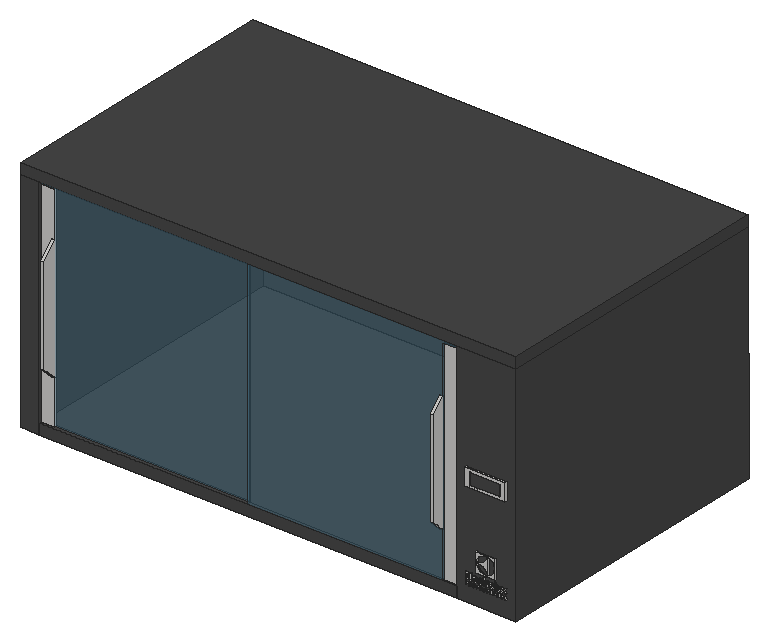
Revit family "QF_ELECTROLUXPROFESSIONAL_240038_SAFEBOXUK", category Attrezzature speciali, Revit 2020
Family settings
  Quota connettore circolare = Usa diametro
  Tipo di parte = Normale
  Basato su piano di lavoro = No
  Sempre verticale = Sì
  Taglio con vuoti quando caricato = No
  Condiviso = No
  Punto di calcolo locali = No
Parameters (values of type "Standard")
  Weight = 36.00 kg
  Watts = 590 W
  Volts = 220 V
  URL Manufacturer = "https://www.electroluxprofessional.com/"
  URL = "https://www.electroluxprofessional.com/"
  Steam Supply Size = 0 mm
  Steam Supply Minimum Pressure = 0.0 Pa
  Steam Supply Maximum Pressure = 0.0 Pa
  Steam Consumption per Hour = 0
  Show Logo [instance] = yes
  Show Clearance [instance] = yes
  Refrigeration Suction Line Size = 0.0 mm
  Refrigeration Liquid Line Size = 0.0 mm
  Refrigerant Compressor Remote = yes
  Prospetto di default = 0.0 mm
  Produttore = "Electrolux Professional"
  Phase = 1
  Modello = "SAFEBOXUK"
  Length Actual = 920.0 mm  # constant formula
  Item Number = "240038"
  Hot Water Size = 0 mm
  Height Actual = 450.0 mm  # constant formula
  HP = "0.8 HP"
  Gas Size = 0 mm
  Gas KW = 0
  Gas Input Pressure = 0 W
  Direct Waste Size = 0 mm
  Descrizione = "SAFEBOX HOLD WARMING CONTAINER FOR FOOD PICK UP, TAKE AWAY AND DELIVERY - UK PLUG"
  Depth Actual = 590.0 mm  # constant formula
  Cycle = 50 Hz
  Condensate Return Size = 0 mm
  Compressed Air Volume = 0.0 L/s
  Compressed Air Size = 0 mm
  Compressed Air Pressure = 0.0 Pa
  Cold Water Size = 0 mm
  Accessory = yes
Reference planes
  plane 1 "Center (Front/Back)": y = 0
  plane 2: z = 0
  plane 3 "Center (Left/Right)": x = 0
  plane 4 "LEFT": x = -460
  plane 5 "RIGHT": x = 460
  plane 6 "BACK": y = 270
  plane 7 "FRONT": y = -270
  plane 8 "Base": z = 11
  plane 9 "TOP": z = 451
  plane 10: x = -430
  plane 11: y = 250
  plane 12: y = -220
  plane 13: x = 360
Forms (mm)
  Extrusion 1, solid, material "QF_Finishes_Black"
    sketch origin (0, 0, 11) x (0, 1, 0) y (-1, 0, 0)
      loop
        line (270, 460) -> (-270, 460) -> (-270, 425) -> (250, 425) -> (250, -350) -> (-270, -350) -> (-270, -460) -> (270, -460) -> (270, 460)
    from 0 to 420
  Extrusion 2, solid, material "QF_Finishes_Black"
    sketch origin (0, 0, 451) x (0, 1, 0) y (-1, 0, 0)
      loop
        line (270, 460) -> (-270, 460) -> (-270, -460) -> (270, -460) -> (270, 460)
    from 0 to -20
  Extrusion 3, void
    sketch origin (0, -270, 0) x (-1, 0, 0) y (0, 0, 1)
      loop
        line (140.985, 386.837) -> (-115, 386.837) -> (-115, 166) -> (140.985, 166) -> (140.985, 386.837)
    from 520 to 540
  Extrusion 4, solid, material "QF_Finishes_Stainless Steel"
    sketch origin (460, 0, 0) x (0, 1, 0) y (0, 0, 1)
      loop
        line (250, 386.837) -> (250, 166) -> (320, 166) -> (320, 386.837) -> (250, 386.837)
    from -600.985 to -345
  Extrusion 5, solid, material "Glass"
    sketch origin (0, -270, 0) x (-1, 0, 0) y (0, 0, 1)
      loop
        line (425, 431) -> (37.5, 431) -> (37.5, 31) -> (400, 31) -> (400, 426) -> (425, 426) -> (425, 431)
    from 4 to 8
  Extrusion 6, solid, material "Glass"
    sketch origin (385, -270, 0) x (-1, 0, 0) y (0, 0, 1)
      loop
        line (422.5, 431) -> (35, 431) -> (35, 426) -> (60, 426) -> (60, 31) -> (422.5, 31) -> (422.5, 431)
    from 0 to 4
  Extrusion 7, solid, material "QF_Finishes_Stainless Steel"
    sketch origin (0, 0, 0) x (0, 1, 0) y (0, 0, 1)
      loop
        line (-266, 112) -> (-266, 342.426) -> (-291.213, 317.213) -> (-291.213, 137.213) -> (-266, 112)
    from -400 to -405
  Extrusion 8, solid, material "QF_Finishes_Stainless Steel"
    sketch origin (0, -270, 0) x (-1, 0, 0) y (0, 0, 1)
      loop
        line (-350, 426) -> (-350, 31) -> (-325, 31) -> (-325, 426) -> (-350, 426)
      loop
        line (400, 426) -> (400, 31) -> (425, 31) -> (425, 426) -> (400, 426)
    from 4 to 8
  Extrusion 9, solid, material "QF_Finishes_Black"
    sketch origin (0, 0, 451) x (0, 1, 0) y (-1, 0, 0)
      loop
        line (270, 425) -> (-270, 425) -> (-270, -350) -> (270, -350) -> (270, 425)
    from -420 to -440
  Extrusion 10, solid, material "QF_Finishes_Stainless Steel"
    sketch origin (0, 0, 0) x (0, 1, 0) y (0, 0, 1)
      loop
        line (-270, 116) -> (-270, 338.426) -> (-291.213, 317.213) -> (-291.213, 137.213) -> (-270, 116)
    from 325 to 320
  Extrusion 11, solid, material "QF_Finishes_Stainless Steel"
    sketch origin (2.404, 270, -133.023) x (1, 0, 0) y (0, 0, -1)
      loop
        line (407.596, -163.023) -> (407.596, -183.023) -> (427.596, -183.023) -> (427.596, -163.023) -> (407.596, -163.023)
    from 0 to 2
  Extrusion 12, solid, material "QF_Finishes_Stainless Steel"
    sketch origin (-85.721, 270, -84.273) x (1, 0, 0) y (0, 0, -1)
      loop
        line (407.596, -163.023) -> (407.596, -183.023) -> (427.596, -183.023) -> (427.596, -163.023) -> (407.596, -163.023)
    from 0 to 2
Cuts and joins
  Extrusion 3 cuts Extrusion 1
  joined: Extrusion 7, Extrusion 8, Extrusion 10
Dimensions and locks
  plane 4 "LEFT" to plane 5 "RIGHT" = 920.0 mm
  equal spacing: plane 4 "LEFT", plane 3 "Center (Left/Right)", plane 5 "RIGHT"
  equal spacing: plane 6 "BACK", plane 1 "Center (Front/Back)", plane 7 "FRONT"
  plane 6 "BACK" to plane 7 "FRONT" = 540.0 mm  (x2)
  plane 8 "Base" to level = 11.0 mm
  plane 9 "TOP" to level = 451.0 mm
  plane 9 "TOP" to cut or joined group of Extrusion 1, Extrusion 3 = 64.163 mm
  level to cut or joined group of Extrusion 1, Extrusion 3 = 166.0 mm
  plane 4 "LEFT" to plane 10 = 30.0 mm
  plane 13 to plane 5 "RIGHT" = 100.0 mm
  Extrusion 4 to Extrusion 2 = 590.0 mm
  aligned and locked: level to plane 2
Automatic sketch dimensions
  Extrusion 1 sketch curve to plane 4 "LEFT" = 0.0 mm
  Extrusion 1 sketch curve to plane 7 "FRONT" = 0.0 mm  (x2)
  Extrusion 1 sketch curve to plane 5 "RIGHT" = 0.0 mm
  Extrusion 1 sketch curve to plane 11 = 0.0 mm
  Extrusion 1 sketch curve to plane 6 "BACK" = 0.0 mm
  Extrusion 1 sketch curve to plane 13 = 10.0 mm
  plane 10 to Extrusion 1 sketch curve = 5.0 mm
  Extrusion 2 sketch curve to plane 4 "LEFT" = 0.0 mm
  Extrusion 2 sketch curve to plane 7 "FRONT" = 0.0 mm
  Extrusion 2 sketch curve to plane 6 "BACK" = 0.0 mm
  Extrusion 2 sketch curve to plane 5 "RIGHT" = 0.0 mm
  plane 3 "Center (Left/Right)" to Extrusion 3 sketch curve = 115.0 mm
  Extrusion 3 sketch curve to plane 3 "Center (Left/Right)" = 140.985 mm
  plane 8 "Base" to Extrusion 3 sketch curve = 155.0 mm
  Extrusion 3 sketch curve to plane 9 "TOP" = 64.163 mm
  Extrusion 4 sketch curve to plane 11 = 0.0 mm
  plane 6 "BACK" to Extrusion 4 sketch curve = 50.0 mm
  plane 8 "Base" to Extrusion 4 sketch curve = 155.0 mm
  Extrusion 4 sketch curve to plane 9 "TOP" = 64.163 mm
  Extrusion 5 sketch curve to plane 3 "Center (Left/Right)" = 37.5 mm
  plane 10 to Extrusion 5 sketch curve = 30.0 mm
  plane 10 to Extrusion 5 sketch curve = 5.0 mm
  plane 8 "Base" to Extrusion 5 sketch curve = 20.0 mm
  Extrusion 5 sketch curve to plane 9 "TOP" = 25.0 mm
  Extrusion 5 sketch curve to plane 9 "TOP" = 20.0 mm
  Extrusion 6 sketch curve to plane 13 = 10.0 mm
  Extrusion 6 sketch curve to plane 13 = 35.0 mm
  Extrusion 6 sketch curve to plane 3 "Center (Left/Right)" = 37.5 mm
  plane 8 "Base" to Extrusion 6 sketch curve = 20.0 mm
  Extrusion 6 sketch curve to plane 9 "TOP" = 25.0 mm
  Extrusion 6 sketch curve to Extrusion 6 sketch curve = 5.0 mm
  Extrusion 7 sketch curve to plane 7 "FRONT" = 21.213 mm
  plane 7 "FRONT" to Extrusion 7 sketch curve = 4.0 mm
  plane 8 "Base" to Extrusion 7 sketch curve = 101.0 mm
  Extrusion 7 sketch curve to Extrusion 7 sketch curve = 25.213 mm  (x2)
  Extrusion 7 sketch curve to plane 9 "TOP" = 133.787 mm
  Extrusion 8 sketch curve to plane 13 = 10.0 mm
  Extrusion 8 sketch curve to Extrusion 8 sketch curve = 25.0 mm
  plane 10 to Extrusion 8 sketch curve = 30.0 mm
  plane 10 to Extrusion 8 sketch curve = 5.0 mm
  plane 8 "Base" to Extrusion 8 sketch curve = 20.0 mm  (x2)
  Extrusion 8 sketch curve to plane 9 "TOP" = 25.0 mm  (x2)
  Extrusion 9 sketch curve to plane 7 "FRONT" = 0.0 mm
  Extrusion 9 sketch curve to plane 6 "BACK" = 0.0 mm
  Extrusion 9 sketch curve to plane 13 = 10.0 mm
  plane 10 to Extrusion 9 sketch curve = 5.0 mm
  Extrusion 10 sketch curve to plane 7 "FRONT" = 0.0 mm
  Extrusion 10 sketch curve to plane 7 "FRONT" = 21.213 mm
  plane 8 "Base" to Extrusion 10 sketch curve = 105.0 mm
  Extrusion 10 sketch curve to Extrusion 10 sketch curve = 21.213 mm  (x2)
  Extrusion 10 sketch curve to plane 9 "TOP" = 133.787 mm
  Extrusion 11 sketch curve to plane 5 "RIGHT" = 50.0 mm
  Extrusion 11 sketch curve to Extrusion 11 sketch curve = 20.0 mm
  plane 8 "Base" to Extrusion 11 sketch curve = 39.0 mm
  plane 8 "Base" to Extrusion 11 sketch curve = 19.0 mm
  Extrusion 12 sketch curve to plane 13 = 38.125 mm
  Extrusion 12 sketch curve to plane 13 = 18.125 mm
  plane 8 "Base" to Extrusion 12 sketch curve = 87.75 mm
  plane 8 "Base" to Extrusion 12 sketch curve = 67.75 mm
Nested families
  nested 1: "Piedino DISTRIBUTION" at (360, -220, 0), type "Piedino DISTRIBUTION"
    with Show Logo yes, H 11.0 mm
  nested 2: "Piedino DISTRIBUTION" at (360, 250, 0), type "Piedino DISTRIBUTION"
    with Show Logo yes, H 11.0 mm
  nested 3: "Piedino DISTRIBUTION" at (-430, -220, 0), type "Piedino DISTRIBUTION"
    with Show Logo yes, H 11.0 mm
  nested 4: "Piedino DISTRIBUTION" at (-430, 250, 0), type "Piedino DISTRIBUTION"
    with Show Logo yes, H 11.0 mm
  nested 5: "Schermo_Distribution" at (406.364, -270, 222.016) x (-1, 0, 0) z (0, -1, 0), type "Schermo_Distribution"
  nested 6: "ELX_LOGO_MONO_35x35 - MRTALLO" at (395.727, -270, 36.251) x (-1, 0, 0) z (0, -1, 0), Show Logo <- "Show Logo", visible <- "Show Logo", type "ELX_LOGO_MONO_35x35 - MRTALLO"
    with Show Logo yes
  nested 7: "ELX_LOGO_WORDS - METALLO" at (405.647, -270, 52.223) x (1, 0, 0) z (0, -1, 0), Show Logo <- "Show Logo", visible <- "Show Logo", type "ELX_LOGO_WORDS - METALLO"
    with Show Logo yes
Connectors
  electrical at (420, 270, 40)
    settings: on Extrusion 11, index 72, voltage 0 V, apparent load 0 VA, apparent load phase1 0 VA, apparent load phase2 0 VA, apparent load phase3 0 VA, power factor 1, load classification "Altro", number of poles 1, system type 30, power factor state 1, is connector primary yes, connector utility no, sub classification motor no, connector description "EI"
  electrical at (331.875, 270, 88.75)
    settings: on Extrusion 12, index 73, voltage 0 V, apparent load 0 VA, apparent load phase1 0 VA, apparent load phase2 0 VA, apparent load phase3 0 VA, power factor 1, load classification "Altro", number of poles 1, system type 30, power factor state 1, is connector primary no, connector utility no, sub classification motor no, connector description "EQ"
Definition of nested family "Piedino DISTRIBUTION"
  Parameters (values of type "Piedino DISTRIBUTION")
    Show Logo [instance] = yes
    Default Elevation = 0.0 mm
    H [instance] = 11.0 mm
  Reference planes
    plane 1 "Centro (Fronte/Retro)": y = 0
    plane 2: z = 0
    plane 3 "Centro (Sinistra/Destra)": x = 0
  Forms (mm)
    Revolve 1, solid
      sketch origin (55, 0, 0) x (-1, 0, 0) y (0, 0, -1)
        loop
          line (55, 0) -> (40, 0) -> (40, -11) -> (55, -11) -> (55, 0)
        axis (55, 0) -> (55, -11)
      angle from 0 to 360
  Dimensions and locks
    "H": Revolve 1 to plane 2
    aligned and locked: level to plane 2
  Automatic sketch dimensions
    Revolve 1 sketch curve to level = 0.0 mm
    Revolve 1 sketch curve to plane 3 "Centro (Sinistra/Destra)" = 0.0 mm  (x2)
    level to Revolve 1 sketch curve = 11.0 mm
    Revolve 1 sketch curve to Revolve 1 sketch curve = 139.0 mm
    Revolve 1 sketch curve to Revolve 1 sketch curve = 20.0 mm
    plane 3 "Centro (Sinistra/Destra)" to Revolve 1 sketch curve = 15.0 mm
Definition of nested family "Schermo_Distribution"
  Parameters (values of type "Schermo_Distribution")
    Default Elevation = 1219.2 mm
  Reference planes
    plane 1 "Centro (Fronte/Retro)": y = 0
    plane 2: z = 0
    plane 3 "Centro (Sinistra/Destra)": x = 0
  Forms (mm)
    Extrusion 1, solid
      sketch origin (0, 0, 0) x (1, 0, 0) y (0, 1, 0)
        loop
          line (-1219.2, 1219.2) -> (-1219.2, -1219.2) -> (1219.2, -1219.2) -> (1219.2, 1219.2) -> (-1219.2, 1219.2)
      from 0 to -304.8
    Extrusion 2, solid
      sketch origin (-406.364, -222.016, 5) x (0, 1, 0) y (-1, 0, 0)
        loop
          line (238.032, -368.864) -> (206, -368.864) -> (206, -443.864) -> (238.032, -443.864) -> (238.032, -368.864)
        loop
          line (233.032, -378.864) -> (211, -378.864) -> (211, -433.864) -> (233.032, -433.864) -> (233.032, -378.864)
      from 0 to -5
    Extrusion 3, solid
      sketch origin (-406.364, -222.016, 5) x (0, 1, 0) y (-1, 0, 0)
        loop
          line (233.032, -378.864) -> (211, -378.864) -> (211, -433.864) -> (233.032, -433.864) -> (233.032, -378.864)
      from 0 to -5
  Dimensions and locks
    aligned and locked: plane 2 to Extrusion 1
    aligned and locked: level to Extrusion 1
Definition of nested family "ELX_LOGO_MONO_35x35 - MRTALLO"
  Parameters (values of type "ELX_LOGO_MONO_35x35 - MRTALLO")
    Show Logo [instance] = yes
    Default Elevation = 1219.2 mm
  Reference planes
    plane 1 "Center (Front/Back)": y = -49
    plane 2: z = 0
    plane 3 "Center (Left/Right)": x = -9.92
  Forms (mm)
    Extrusion 1, solid
      sketch origin (0, 0, 0) x (1, 0, 0) y (0, 1, 0)
        loop
          line (-1219.2, 1219.2) -> (-1219.2, -1219.2) -> (1219.2, -1219.2) -> (1219.2, 1219.2) -> (-1219.2, 1219.2)
      from 0 to -304.8
    Extrusion 2, solid, visible <- "Show Logo"
      sketch origin (84.542, 509.781, 0) x (1, 0, 0) y (0, 1, 0)
        loop
          line (-99.142, -574.562) -> (-99.142, -543.071)
          arc (-99.142, -543.071) -> (-110.783, -558.817) -> (-99.142, -574.562) r 16.469
        loop
          arc (-97.54, -574.562) -> (-84.443, -571.586) -> (-78.133, -559.729) r 16.14
          line (-78.133, -559.729) -> (-83.343, -559.729)
          arc (-83.343, -559.729) -> (-92.651, -563.507) -> (-97.54, -572.282) r 15.128
          line (-97.54, -572.282) -> (-97.54, -574.562)
        loop
          arc (-97.54, -545.351) -> (-92.651, -554.126) -> (-83.343, -557.904) r 15.128
          line (-83.343, -557.904) -> (-78.133, -557.904)
          arc (-78.133, -557.904) -> (-84.433, -545.95) -> (-97.54, -542.666) r 16.562
          line (-97.54, -542.666) -> (-97.54, -545.351)
        loop
          line (-76.938, -576.281) -> (-76.938, -541.281) -> (-111.986, -541.281) -> (-111.986, -576.281) -> (-76.938, -576.281)
      from 0 to 1.644
  Dimensions and locks
    aligned and locked: plane 2 to Extrusion 1
    aligned and locked: level to Extrusion 1
Definition of nested family "ELX_LOGO_WORDS - METALLO"
  Parameters (values of type "ELX_LOGO_WORDS - METALLO")
    Show Logo [instance] = yes
    Default Elevation = 0.0 mm
  Reference planes
    plane 1 "Centro (Fronte/Retro)": y = 0
    plane 2: z = 0
    plane 3 "Centro (Sinistra/Destra)": x = 0
  Forms (mm)
    Extrusion 1, solid
      sketch origin (0, 0, 0) x (1, 0, 0) y (0, 1, 0)
        loop
          line (-1219.2, 1219.2) -> (-1219.2, -1219.2) -> (1219.2, -1219.2) -> (1219.2, 1219.2) -> (-1219.2, 1219.2)
      from 0 to -304.8
    Extrusion 2, solid, visible <- "Show Logo"
      sketch origin (0, 0, 0) x (1, 0, 0) y (0, 1, 0)
        loop
          line (-30.234, 10.561) -> (-37.67, 10.561) -> (-37.67, 1.902)
          arc (-37.67, 1.902) -> (-36.691, -0.461) -> (-34.329, -1.439) r 3.341
          line (-34.329, -1.439) -> (-30.09, -1.439) -> (-30.09, 0.503) -> (-33.845, 0.503)
          arc (-33.845, 0.503) -> (-35.079, 0.92) -> (-35.604, 2.112) r 1.615
          line (-35.604, 2.112) -> (-35.604, 3.829) -> (-30.555, 3.829) -> (-30.555, 5.779) -> (-35.604, 5.779) -> (-35.604, 8.617) -> (-30.234, 8.617) -> (-30.234, 10.561)
        loop
          line (-28.622, 10.561) -> (-28.622, -1.439) -> (-26.555, -1.439) -> (-26.555, 10.561) -> (-28.622, 10.561)
        loop
          line (16.27, 10.561) -> (16.27, -1.439) -> (18.338, -1.439) -> (18.338, 10.561) -> (16.27, 10.561)
        loop
          line (-23.137, 2.393) -> (-16.354, 2.393)
          arc (-16.354, 2.393) -> (-17.415, 6.119) -> (-21.043, 7.478) r 4.298
          arc (-21.043, 7.478) -> (-24.239, 5.857) -> (-25.151, 2.393) r 4.373
          arc (-25.151, 2.393) -> (-23.951, -0.505) -> (-21.053, -1.705) r 4.097
          arc (-21.053, -1.705) -> (-18.799, -1.372) -> (-16.908, -0.099) r 5.15
          line (-16.908, -0.099) -> (-18.133, 1.125)
          arc (-18.133, 1.125) -> (-19.74, 0.161) -> (-21.607, 0.323) r 3.039
          arc (-21.607, 0.323) -> (-22.746, 1.081) -> (-23.137, 2.393) r 2.013
        loop
          line (-23.085, 3.846) -> (-18.431, 3.846)
          arc (-18.431, 3.846) -> (-19.084, 5.22) -> (-20.519, 5.727) r 1.983
          arc (-20.519, 5.727) -> (-22.175, 5.295) -> (-23.085, 3.846) r 2.321
        loop
          line (-8.297, 4.711) -> (-6.999, 6.009)
          arc (-6.999, 6.009) -> (-8.627, 7.187) -> (-10.604, 7.539) r 4.497
          arc (-10.604, 7.539) -> (-13.621, 6.437) -> (-15.204, 3.642) r 4.652
          arc (-15.204, 3.642) -> (-12.536, -1.257) -> (-7.072, -0.127) r 4.684
          line (-7.072, -0.127) -> (-8.363, 1.163)
          arc (-8.363, 1.163) -> (-11.149, 0.242) -> (-13.145, 2.393) r 2.714
          arc (-13.145, 2.393) -> (-13.006, 4.094) -> (-11.835, 5.335) r 2.578
          arc (-11.835, 5.335) -> (-9.96, 5.621) -> (-8.297, 4.711) r 2.961
        loop
          line (-5.73, 10.561) -> (-5.73, 2.36)
          arc (-5.73, 2.36) -> (-5.551, 1.13) -> (-5.09, -0.025) r 5.301
          arc (-5.09, -0.025) -> (-3.615, -1.198) -> (-1.746, -1.445) r 3.531
          line (-1.746, -1.445) -> (-1.746, 0.492)
          arc (-1.746, 0.492) -> (-2.302, 0.534) -> (-2.82, 0.74) r 1.862
          arc (-2.82, 0.74) -> (-3.484, 1.442) -> (-3.662, 2.393) r 1.713
          line (-3.662, 2.393) -> (-3.662, 5.362) -> (-1.785, 5.362) -> (-1.785, 7.24) -> (-3.662, 7.24) -> (-3.662, 10.561) -> (-5.73, 10.561)
        loop
          arc (2.004, 3.123) -> (2.152, 3.988) -> (2.578, 4.755) r 2.607
          arc (2.578, 4.755) -> (3.817, 5.391) -> (5.208, 5.362) r 2.84
          line (5.208, 5.362) -> (5.208, 7.349)
          arc (5.208, 7.349) -> (3.39, 7.177) -> (2.004, 5.989) r 3.016
          line (2.004, 5.989) -> (2.004, 7.24) -> (-0.046, 7.24) -> (-0.046, -1.439) -> (2.004, -1.439) -> (2.004, 3.123)
        loop
          circle (10.262, 2.899) r 4.599
        loop
          circle (10.262, 2.899) r 2.787
        loop
          arc (25.793, 2.175) -> (25.283, 0.772) -> (23.898, 0.213) r 1.835
          arc (23.898, 0.213) -> (22.514, 0.772) -> (22.004, 2.175) r 1.835
          line (22.004, 2.175) -> (22.004, 7.24) -> (19.919, 7.24) -> (19.919, 2.003)
          arc (19.919, 2.003) -> (21.105, -0.701) -> (23.898, -1.659) r 3.675
          arc (23.898, -1.659) -> (26.723, -0.672) -> (27.877, 2.088) r 3.675
          line (27.877, 2.088) -> (27.877, 7.24) -> (25.793, 7.24) -> (25.793, 2.175)
        loop
          line (29.126, 7.24) -> (32.128, 3.164) -> (28.83, -1.442) -> (31.052, -1.442) -> (33.241, 1.615) -> (35.462, -1.442) -> (37.67, -1.442) -> (34.419, 3.211) -> (37.392, 7.24) -> (35.135, 7.24) -> (33.234, 4.663) -> (31.362, 7.24) -> (29.126, 7.24)
        loop
          line (-35.875, -6.414) -> (-37.523, -6.414) -> (-37.523, -10.564) -> (-36.621, -10.564) -> (-36.621, -9.135) -> (-35.625, -9.135)
          arc (-35.625, -9.135) -> (-34.509, -7.66) -> (-35.875, -6.414) r 1.372
        loop
          arc (-35.664, -8.32) -> (-35.322, -7.786) -> (-35.664, -7.253) r 0.587
          line (-35.664, -7.253) -> (-36.621, -7.253) -> (-36.621, -8.32) -> (-35.664, -8.32)
        loop
          line (-29.363, -6.414) -> (-31.04, -6.414) -> (-31.04, -10.564) -> (-30.138, -10.564) -> (-30.138, -9.135) -> (-29.265, -9.135) -> (-28.669, -10.564) -> (-27.7, -10.564) -> (-28.516, -8.814)
          arc (-28.516, -8.814) -> (-28.125, -8.347) -> (-27.994, -7.752) r 1.281
          arc (-27.994, -7.752) -> (-28.406, -6.804) -> (-29.363, -6.414) r 1.37
        loop
          line (-30.138, -7.253) -> (-30.138, -8.32) -> (-29.18, -8.32)
          arc (-29.18, -8.32) -> (-28.839, -7.786) -> (-29.18, -7.253) r 0.587
          line (-29.18, -7.253) -> (-30.138, -7.253)
        loop
          circle (-22.402, -8.489) r 2.156
        loop
          circle (-22.402, -8.489) r 1.368
        loop
          line (-16.703, -6.414) -> (-16.703, -10.564) -> (-15.823, -10.564) -> (-15.823, -9.114) -> (-14.261, -9.114) -> (-14.261, -8.184) -> (-15.823, -8.184) -> (-15.823, -7.308) -> (-14.111, -7.308) -> (-14.111, -6.414) -> (-16.703, -6.414)
        loop
          line (-10.611, -6.414) -> (-10.611, -9.216)
          arc (-10.611, -9.216) -> (-10.229, -10.166) -> (-9.284, -10.561) r 1.327
          line (-9.284, -10.561) -> (-7.945, -10.561) -> (-7.945, -9.777) -> (-9.204, -9.777)
          arc (-9.204, -9.777) -> (-9.668, -9.394) -> (-9.759, -8.799) r 0.845
          line (-9.759, -8.799) -> (-8.1, -8.799) -> (-8.1, -8.015) -> (-9.759, -8.015) -> (-9.759, -7.198) -> (-7.985, -7.198) -> (-7.985, -6.414) -> (-10.611, -6.414)
        loop
          arc (4.417, -6.94) -> (3.867, -6.489) -> (3.171, -6.345) r 1.485
          arc (3.171, -6.345) -> (2.528, -6.503) -> (2, -6.902) r 1.645
          arc (2, -6.902) -> (1.902, -7.844) -> (2.51, -8.571) r 1.217
          arc (2.51, -8.571) -> (3.021, -8.741) -> (3.506, -8.976) r 4.201
          arc (3.506, -8.976) -> (3.812, -9.337) -> (3.601, -9.761) r 0.43
          arc (3.601, -9.761) -> (3.209, -9.853) -> (2.819, -9.754) r 0.846
          arc (2.819, -9.754) -> (2.482, -9.511) -> (2.275, -9.15) r 0.983
          line (2.275, -9.15) -> (1.549, -9.489)
          arc (1.549, -9.489) -> (1.811, -9.993) -> (2.232, -10.374) r 1.595
          arc (2.232, -10.374) -> (2.71, -10.578) -> (3.227, -10.63) r 1.719
          arc (3.227, -10.63) -> (3.867, -10.503) -> (4.442, -10.197) r 2.246
          arc (4.442, -10.197) -> (4.697, -9.52) -> (4.566, -8.81) r 1.349
          arc (4.566, -8.81) -> (4.282, -8.482) -> (3.919, -8.245) r 1.564
          arc (3.919, -8.245) -> (3.46, -8.04) -> (2.99, -7.864) r 8.236
          arc (2.99, -7.864) -> (2.718, -7.441) -> (3.111, -7.128) r 0.375
          arc (3.111, -7.128) -> (3.581, -7.241) -> (3.943, -7.563) r 0.998
          line (3.943, -7.563) -> (4.417, -6.94)
        loop
          line (8.225, -6.414) -> (8.225, -10.561) -> (9.077, -10.561) -> (9.077, -6.414) -> (8.225, -6.414)
        loop
          circle (14.827, -8.488) r 1.29
        loop
          circle (14.827, -8.488) r 2.154
        loop
          line (20.548, -10.561) -> (21.409, -10.561) -> (21.409, -7.954) -> (23.306, -10.561) -> (24.135, -10.561) -> (24.135, -6.414) -> (23.274, -6.414) -> (23.274, -9.101) -> (21.377, -6.414) -> (20.548, -6.414) -> (20.548, -10.561)
        loop
          line (28.435, -10.561) -> (28.839, -9.667) -> (30.373, -9.667) -> (30.777, -10.561) -> (31.693, -10.561) -> (29.942, -6.414) -> (29.142, -6.414) -> (27.519, -10.561) -> (28.435, -10.561)
        loop
          line (29.99, -8.816) -> (29.579, -7.905) -> (29.18, -8.816) -> (29.99, -8.816)
        loop
          line (35.929, -9.777) -> (35.929, -6.414) -> (35.076, -6.414) -> (35.076, -10.561) -> (37.523, -10.561) -> (37.523, -9.777) -> (35.929, -9.777)
        loop
          arc (-1.8, -6.94) -> (-2.35, -6.489) -> (-3.046, -6.345) r 1.485
          arc (-3.046, -6.345) -> (-3.689, -6.503) -> (-4.218, -6.902) r 1.645
          arc (-4.218, -6.902) -> (-4.316, -7.844) -> (-3.708, -8.571) r 1.217
          arc (-3.708, -8.571) -> (-3.197, -8.741) -> (-2.712, -8.976) r 4.201
          arc (-2.712, -8.976) -> (-2.405, -9.337) -> (-2.616, -9.761) r 0.43
          arc (-2.616, -9.761) -> (-3.008, -9.853) -> (-3.399, -9.754) r 0.846
          arc (-3.399, -9.754) -> (-3.736, -9.511) -> (-3.942, -9.15) r 0.983
          line (-3.942, -9.15) -> (-4.668, -9.489)
          arc (-4.668, -9.489) -> (-4.407, -9.993) -> (-3.985, -10.374) r 1.595
          arc (-3.985, -10.374) -> (-3.507, -10.578) -> (-2.99, -10.63) r 1.719
          arc (-2.99, -10.63) -> (-2.351, -10.503) -> (-1.775, -10.197) r 2.246
          arc (-1.775, -10.197) -> (-1.521, -9.52) -> (-1.652, -8.81) r 1.349
          arc (-1.652, -8.81) -> (-1.936, -8.482) -> (-2.298, -8.245) r 1.564
          arc (-2.298, -8.245) -> (-2.757, -8.04) -> (-3.228, -7.864) r 8.236
          arc (-3.228, -7.864) -> (-3.5, -7.441) -> (-3.107, -7.128) r 0.375
          arc (-3.107, -7.128) -> (-2.636, -7.241) -> (-2.274, -7.563) r 0.998
          line (-2.274, -7.563) -> (-1.8, -6.94)
      from 0 to 1.644
  Dimensions and locks
    aligned and locked: plane 2 to Extrusion 1
    aligned and locked: level to Extrusion 1
